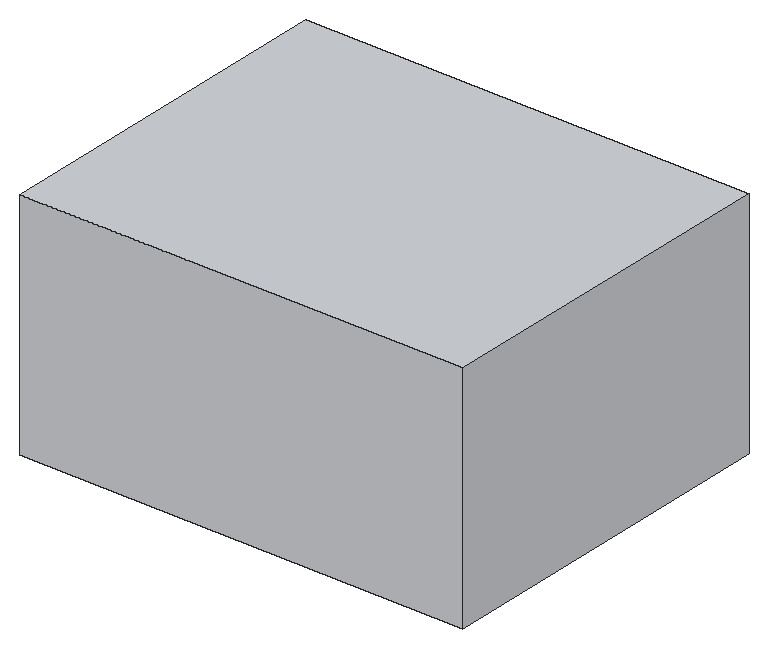
Revit family "OSID-EHI OSID Senderkabinett IP66 Tak", category Fire Alarm Devices, Revit 2016
Family settings
  Maintain Annotation Orientation = No
  Part Type = Normal
  Round Connector Dimension = Use Diameter
  OmniClass Number = 23.85.30.21.11.11.11
  OmniClass Title = Smoke Detectors
  Work Plane-Based = No
  Always vertical = Yes
  Cut with Voids When Loaded = No
  Shared = No
  Room Calculation Point = No
Parameters (values of type "Linjedetektor sender")
  Type Comments = "-RY"
  NVMottaker = no
  NS8360 = "5423_XN3"
  Manufacturer = "Honeywell"
  Keynote = "XN3"
  CQ Høyre = no
  CQFontSymboler = "w"
  CQ Venstre = not(CQ Høyre)  # yes
  CQ Type tekst synlig = yes
  CQ Type = "LD"
  CQ Montering tekst synlig [instance] = no
  CQ Montering [instance] = "HIM"
  CQ Material = none
  CQ Width = 194 mm
  CQ Height = 127 mm
  CQ Length = 241 mm
  CQ Coverage Circle Radius = 70000 mm
  CQ Symbol Positive Direction [instance] = yes
  CQ Symbol Offset Side [instance] = 0 mm
  CQ Symbol Offset Out [instance] = 0 mm
  CQ Coverage Circle = no
  CQ 3D Synlig = not(CQ 2D Synlig)  # no
  CQ 2D Synlig = yes
  Assembly Code = "5423"
Reference planes
  plane 1 "Center (Front/Back)": y = 0
  plane 2: z = 0
  plane 3 "Center (Left/Right)": x = 0
  plane 4 "Model Lines": z = -127
  plane 5 "foran a": y = -97
  plane 6 "bak a": y = 97
  plane 7 "høyre": x = 120.5
  plane 8 "Venstre": x = -120.5
Forms (mm)
  Extrusion 1, solid, material <- "CQ Material"
    sketch origin (0, -97, 0) x (-1, 0, 0) y (0, 0, 1)
      loop
        line (-120.5, 0) -> (-120.5, -127) -> (120.5, -127) -> (120.5, 0) -> (-120.5, 0)
    from 0 to 194
Lines and regions (mm)
  model lines, style "InvisibleLines"
    curve 1: line (0, 0, 0) -> (0, 0, 5)
  symbolic lines, visible <- "CQ 3D Synlig"
    curve 2: line (-120.5, 97, 0) -> (120.5, 97, 0)
    curve 3: line (-120.5, -97, 0) -> (-120.5, 97, 0)
    curve 4: line (120.5, -97, 0) -> (-120.5, -97, 0)
    curve 5: line (120.5, 97, 0) -> (120.5, -97, 0)
  model lines
    curve 6: circle (0, 0, -127) r 60 normal (0, 0, 1)
Dimensions and locks
  "CQ Height": plane 2 to plane 4 "Model Lines"
  "CQ Width": plane 6 "bak a" to plane 5 "foran a"
  equal spacing: plane 6 "bak a", plane 1 "Center (Front/Back)", plane 5 "foran a"
  equal spacing: plane 8 "Venstre", plane 3 "Center (Left/Right)", plane 7 "høyre"
  "CQ Length": plane 8 "Venstre" to plane 7 "høyre"
  radius of curve 6 = 60 mm
  aligned and locked: level to plane 2
  aligned and locked: plane 3 "Center (Left/Right)" to nested 1
  aligned and locked: plane 1 "Center (Front/Back)" to nested 1
  aligned and locked: nested 2 to plane 1 "Center (Front/Back)"
  aligned and locked: level to curve 1
  aligned and locked: plane 3 "Center (Left/Right)" to curve 1
  aligned and locked: Extrusion 1 sketch curve to plane 2
  aligned and locked: plane 4 "Model Lines" to Extrusion 1 sketch curve
  aligned and locked: plane 6 "bak a" to Extrusion 1
  aligned and locked: Extrusion 1 to plane 5 "foran a"
  aligned and locked: plane 7 "høyre" to Extrusion 1 sketch curve
  aligned and locked: Extrusion 1 sketch curve to plane 8 "Venstre"
  aligned and locked: curve 3 to plane 8 "Venstre"
  aligned and locked: plane 7 "høyre" to curve 5
Automatic sketch dimensions
  curve 4 to plane 5 "foran a" = 0 mm
  curve 3 to plane 6 "bak a" = 0 mm
  level to curve 1 = 5 mm
  plane 1 "Center (Front/Back)" to curve 6 = 0 mm
  curve 6 to plane 3 "Center (Left/Right)" = 0 mm
Nested families
  nested 1: "Linjedetektor Symbol" at (0, 0, 0), visible <- "CQ 2D Synlig", type "Type 1"
  nested 2: "Coverage Circle" at (-20.5, 0, 0), visible <- "CQ Coverage Circle", type "Type 1"
Connectors
  electrical at (0, 0, 0)
    settings: index 1, voltage 0 V, apparent load 0 VA, apparent load phase1 0 VA, apparent load phase2 0 VA, apparent load phase3 0 VA, power factor 1, load classification "Other", number of poles 1, system type 11, power factor state 1, is connector primary yes, connector utility no, sub classification motor no, connector description ""
Definition of nested family "Linjedetektor Symbol"
  Parameters (values of type "Type 1")
    Type tekst synlig = yes
    Type = "LD"
    Sender = not(Mottaker)  # no
    Mottaker = yes
    Montering tekst synlig = no
    Montering = "HIM"
    CQ Symbol Positive Direction = yes
    CQ Symbol Negative Direction = not(CQ Symbol Positive Direction)  # no
    CQ Symbol Offset Side = 0 mm
    CQ Symbol Offset Out = 0 mm
  Reference planes
    plane 1: y = 0
    plane 2: x = 0
  Dimensions and locks
    "CQ Symbol Offset Side": nested 2 to plane 2
    "CQ Symbol Offset Side": plane 2 to nested 1
    "CQ Symbol Offset Out": plane 1 to nested 1
    "CQ Symbol Offset Out": plane 1 to nested 2
  Nested families
    nested 1: "Linjedetektor Sub" at (0, 0, 0), visible <- "CQ Symbol Positive Direction", type "Type1"
    nested 2: "Linjedetektor Sub" at (0, 0, 0), visible <- "CQ Symbol Negative Direction", type "Type1"
  Definition of nested family "Linjedetektor Sub"
    Parameters (values of type "Type1")
      Type tekst synlig = yes
      Type = "LD"
      Sender = yes
      Mottaker = yes
      Montering tekst synlig = no
      Montering = "HIM"
    Reference planes
      plane 1: y = 0
      plane 2: x = 0
    Lines and regions (mm)
      detail lines
        curve 1: line (-2.5, -2.5, 0) -> (2.5, -2.5, 0)
        curve 2: line (2.5, -2.5, 0) -> (2.5, 2.5, 0)
        curve 3: line (2.5, 2.5, 0) -> (-2.5, 2.5, 0)
        curve 4: line (-2.5, 2.5, 0) -> (-2.5, -2.5, 0)
        curve 5: circle (-1.25, -1.5, 0) r 0.25 normal (0, 0, 1)
        curve 6: line (-1.25, -0.75, 0) -> (-1, 1.5, 0)
        curve 7: arc (-1, 1.5, 0) -> (-1.25, 1.75, 0) -> (-1.5, 1.5, 0) r 0.25
        curve 8: line (-1.5, 1.5, 0) -> (-1.25, -0.75, 0)
        curve 9: line (-1.25, 0.5, 0) -> (-1.25, 1.5, 0)
        curve 13: line (1.25, -0.83, 0) -> (2, 0.469, 0)
        curve 14: line (1.25, -0.83, 0) -> (0.5, 0.469, 0)
        curve 15: arc (0.189, 0.231, 0) -> (1.25, 0.67, 0) -> (2.311, 0.231, 0) r 1.5
      detail lines, visible <- "Type tekst synlig"
        curve 10: line (-2.5, -4.5, 0) -> (2.5, -4.5, 0)
        curve 11: line (-2.5, -4.5, 0) -> (-2.5, -2.5, 0)
        curve 12: line (2.5, -4.5, 0) -> (2.5, -2.5, 0)
      detail lines, visible <- "Sender"
        curve 16: line (0.198, 1.5, 0) -> (2.298, 1.5, 0)
        curve 17: line (2.298, 1.5, 0) -> (1.396, 2.021, 0)
        curve 18: line (2.298, 1.5, 0) -> (1.396, 0.979, 0)
      detail lines, visible <- "Mottaker"
        curve 19: line (2.298, -1.5, 0) -> (0.198, -1.5, 0)
        curve 20: line (0.198, -1.5, 0) -> (1.101, -2.021, 0)
        curve 21: line (0.198, -1.5, 0) -> (1.101, -0.979, 0)
    Nested families
      nested 1: "txt 1_50" at (3.379, 2.424, 0), visible <- "Montering tekst synlig", Type Name <- "Montering", type "txt"
      nested 2: "txt 1_50" at (-1.901, -3.637, 0), visible <- "Type tekst synlig", Type Name <- "Type", type "txt"
        with Type Name "LD"
    Definition of nested family "txt 1_50"
      Parameters (values of type "txt")
        Type Name [instance] = "HIM"
      Reference planes
        plane 1: y = 0
        plane 2: x = 0
      Text (mm)
        label "TXT" at (1.952, 0, 0), shows "Type Name"
Definition of nested family "Coverage Circle"
  Parameters
    Radius = 3250 mm
  Reference planes
    plane 1 "Center (Front/Back)": y = 0
    plane 2: z = 0
    plane 3 "Center (Left/Right)": x = 0
  Lines and regions (mm)
    detail lines, in view "Ref. Level"
      curve 1: circle (0, 0, 0) r 3250 normal (0, 0, 1)
  Dimensions and locks
    "Radius": radius of curve 1
    aligned and locked: plane 1 "Center (Front/Back)" to curve 1
    aligned and locked: plane 3 "Center (Left/Right)" to curve 1
